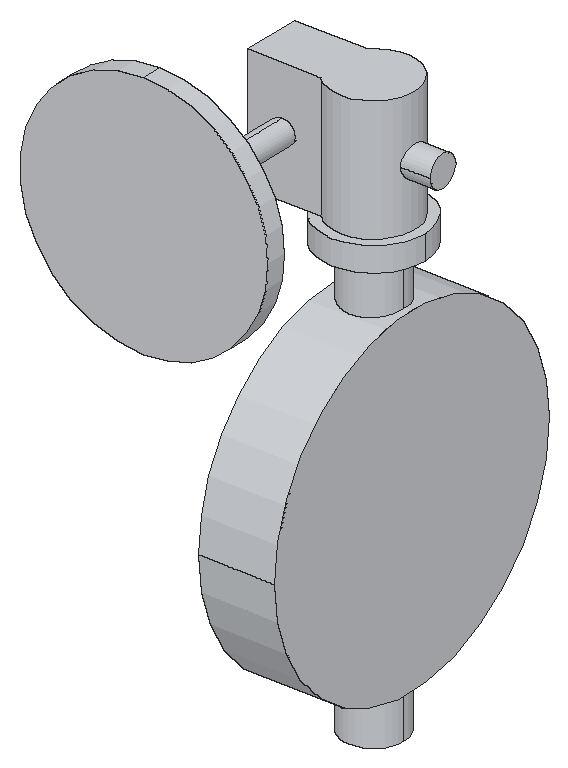
Revit family "HS497-67_disk-litina-převodové kolo DN600-RFA_2018", category Pipe Accessories, Revit 2018
Family settings
  Round Connector Dimension = Use Diameter
  Part Type = Valve - Breaks Into
  Work Plane-Based = No
  Always vertical = Yes
  Cut with Voids When Loaded = No
  Shared = No
Parameters (values of type "HS 497-67_DN600_PN10_převodové kolo")
  magiProductId = "b1e26faab48a4c499f6bb11e7e3002"
  magiProductFamilyId = "53cea81e6f374d17b8841d9c72ad77"
  magiPartTypeId = 305
  isMeasuringValve [instance] = no
  ang2D [instance] = 0.00°
  X11 = 143.397 mm
  X1 = 59.397 mm
  W2D = 1000 mm
  VersionID = "2.0/2017.9.26.1/ZETKAMA_497_001"
  Use Minimum Symbol Size [instance] = yes
  URL = "http://www.hydronic.cz"
  Type Comments = "mezipřírubová; litinový disk; PN10; -10~+110°C (krátkodobě +120°C)"
  SW30 = yes
  SW3 = yes
  SW21 = no
  SW20 = no
  SW2 = no
  SW1 = no
  R = 300 mm
  QmdConnectorList = "301;D;302;D"
  Productdata [instance] = ""
  NC = 140 mm
  Model = ""
  Manufacturer = "Hydronic Systems Prague s.r.o."
  MM20 = 59.397 mm
  MC Product Code = "125 600 (litinový disk, s převodovým kolem; DN600; PN10, kvs36778)"
  M41 = 206.25 mm
  M4 = 137.5 mm
  LHL = 220 mm
  LHH3 = 2.45 mm
  LHH1 = 46.55 mm
  LH1 = 73.333 mm
  L4R__ve = -L4R  # -40.8 mm
  L4R = 40.8 mm
  L42__ve = -L42  # -306 mm
  L42 = 306 mm
  L41__ve = -L41  # -61.2 mm
  L41 = 61.2 mm
  L2D_Min = 3048 mm
  L2D = 216 mm
  L2 = 77 mm
  L1 = 123.2 mm
  L = 154 mm
  H = 80 mm
  G22 = 11.25 mm
  G2 = 22.5 mm
  G1 = 90 mm
  G = 210 mm
  F = 60 mm
  E44 = 125 mm
  E42 = 250 mm
  E4 = 500 mm
  E23 = 4.9 mm
  E22 = 19.6 mm
  E21 = 9.8 mm
  Description = "Mezipřírubová uzavírací klapka s převodovým kolem; litinový disk, DN600; PN10; kvs36788"
  DR2 = 300 mm
  DR = 690 mm
  DD1 = 62.5 mm
  DD = 50 mm
  D = 600 mm
  CAT0 = yes
  B2__ve = -B2  # -140 mm
  B2 = 140 mm
  A2 = 49.4 mm
  A1 = 144.6 mm
Types (43, lengths in mm): name | magiProductId | X11 | X1 | Type Comments | SW30 | SW3 | SW20 | SW2 | SW1 | R | NC | MM20 | MC Product Code | M41 | M4 | LHL | LHH3 | LHH1 | LH1 | L4R__ve | L4R | L42__ve | L42 | L41__ve | L41 | L2 | L1 | L | H | G | F | E44 | E42 | E4 | E23 | E22 | E21 | Description | DR2 | DR | DD1 | DD | D | B2__ve | B2 | A2 | A1
  HS 497-67_DN100_PN16_volné vřeteno | "65d1b245f4f142c78569c0602d5754" | 61.456 | 25.456 | "mezipřírubová; litinový disk; PN16; -10~+110°C (krátkodobě +120°C)" | no | no | no | no | yes | 50 | 50 | 25.456 | "123 100 (litinový disk, s volným vřetenem; DN100; PN16, kvs512)" | 66 | 44 | 220 | 2.45 | 46.55 | 73.333 | -12.8 | 12.8 | -96 | 96 | -19.2 | 19.2 | 26 | 41.6 | 52 | 30 | 90 | 11 | 31.25 | 62.5 | 125 | 4.9 | 19.6 | 9.8 | "Mezipřírubová uzavírací klapka s volným vřetenem; litinový disk, DN100; PN16; kvs512" | 50 | 147 | 15.625 | 12.5 | 100 | -56 | 56 | 16.5 | 98.5
  HS 497-67_DN100_PN16_převodové kolo | "11e91b807e674d428c8e796fcdcfe2" | 61.456 | 25.456 | "mezipřírubová; litinový disk; PN16; -10~+110°C (krátkodobě +120°C)" | yes | yes | no | no | no | 50 | 50 | 25.456 | "125 100 (litinový disk, s převodovým kolem; DN100; PN16, kvs512)" | 65.25 | 43.5 | 220 | 2.45 | 46.55 | 73.333 | -12.8 | 12.8 | -96 | 96 | -19.2 | 19.2 | 26 | 41.6 | 52 | 30 | 90 | 11 | 31.25 | 62.5 | 125 | 4.9 | 19.6 | 9.8 | "Mezipřírubová uzavírací klapka s převodovým kolem; litinový disk, DN100; PN16; kvs512" | 50 | 147 | 15.625 | 12.5 | 100 | -56 | 56 | 16.5 | 98.5
  HS 497-67_DN100_PN16_s pákou | "28172f0b3f4b47b28323ac71cf8749" | 61.456 | 25.456 | "mezipřírubová; litinový disk; PN16; -10~+110°C (krátkodobě +120°C)" | no | no | yes | yes | no | 50 | 50 | 25.456 | "120 100 (litinový disk, s pákou; DN100; PN16, kvs512)" | 66 | 44 | 260 | 3 | 57 | 86.667 | -12.8 | 12.8 | -96 | 96 | -19.2 | 19.2 | 26 | 41.6 | 52 | 30 | 90 | 11 | 31.25 | 62.5 | 125 | 6 | 24 | 12 | "Mezipřírubová uzavírací klapka s pákou; litinový disk, DN100; PN16; kvs512" | 50 | 147 | 15.625 | 12.5 | 100 | -56 | 56 | 16.5 | 98.5
  HS 497-67_DN125_PN16_volné vřeteno | "0d813d910fc14f628bb3c2efbd185c" | 61.456 | 25.456 | "mezipřírubová; litinový disk; PN16; -10~+110°C (krátkodobě +120°C)" | no | no | no | no | yes | 62.5 | 50 | 25.456 | "123 125 (litinový disk, s volným vřetenem; DN125; PN16, kvs872)" | 66 | 44 | 220 | 2.45 | 46.55 | 73.333 | -12.8 | 12.8 | -96 | 96 | -19.2 | 19.2 | 28 | 44.8 | 56 | 33 | 90 | 14 | 31.25 | 62.5 | 125 | 4.9 | 19.6 | 9.8 | "Mezipřírubová uzavírací klapka s volným vřetenem; litinový disk, DN125; PN16; kvs872" | 62.5 | 180 | 15.625 | 12.5 | 125 | -64 | 64 | 18 | 99.5
  HS 497-67_DN125_PN16_převodové kolo | "c56b7c13f372467684996fb1e0e229" | 61.456 | 25.456 | "mezipřírubová; litinový disk; PN16; -10~+110°C (krátkodobě +120°C)" | yes | yes | no | no | no | 62.5 | 50 | 25.456 | "125 125 (litinový disk, s převodovým kolem; DN125; PN16, kvs872)" | 65.25 | 43.5 | 220 | 2.45 | 46.55 | 73.333 | -13.5 | 13.5 | -101.25 | 101.25 | -20.25 | 20.25 | 28 | 44.8 | 56 | 33 | 90 | 14 | 40 | 80 | 160 | 4.9 | 19.6 | 9.8 | "Mezipřírubová uzavírací klapka s převodovým kolem; litinový disk, DN125; PN16; kvs872" | 62.5 | 180 | 20 | 16 | 125 | -64 | 64 | 18 | 99.5
  HS 497-67_DN125_PN16_s pákou | "105993c79a91492399feef7931321a" | 61.456 | 25.456 | "mezipřírubová; litinový disk; PN16; -10~+110°C (krátkodobě +120°C)" | no | no | yes | yes | no | 62.5 | 50 | 25.456 | "120 125 (litinový disk, s pákou; DN125; PN16, kvs872)" | 66 | 44 | 315 | 3.75 | 71.25 | 105 | -12.8 | 12.8 | -96 | 96 | -19.2 | 19.2 | 28 | 44.8 | 56 | 33 | 90 | 14 | 31.25 | 62.5 | 125 | 7.5 | 30 | 15 | "Mezipřírubová uzavírací klapka s pákou; litinový disk, DN125; PN16; kvs872" | 62.5 | 180 | 15.625 | 12.5 | 125 | -64 | 64 | 18 | 99.5
  HS 497-67_DN150_PN16_volné vřeteno | "50c80cb8ab434f55ab7796e5ac1331" | 61.456 | 25.456 | "mezipřírubová; litinový disk; PN16; -10~+110°C (krátkodobě +120°C)" | no | no | no | no | yes | 75 | 50 | 25.456 | "123 150 (litinový disk, s volným vřetenem; DN150; PN16, kvs1347)" | 66 | 44 | 220 | 2.45 | 46.55 | 73.333 | -12.8 | 12.8 | -96 | 96 | -19.2 | 19.2 | 28 | 44.8 | 56 | 33 | 90 | 14 | 31.25 | 62.5 | 125 | 4.9 | 19.6 | 9.8 | "Mezipřírubová uzavírací klapka s volným vřetenem; litinový disk, DN150; PN16; kvs1347" | 75 | 206 | 15.625 | 12.5 | 150 | -58 | 58 | 19.3 | 98.7
  HS 497-67_DN150_PN16_převodové kolo | "d94a1a0cf83b476eb10011b327f709" | 61.456 | 25.456 | "mezipřírubová; litinový disk; PN16; -10~+110°C (krátkodobě +120°C)" | yes | yes | no | no | no | 75 | 50 | 25.456 | "125 150 (litinový disk, s převodovým kolem; DN150; PN16, kvs1347)" | 65.25 | 43.5 | 220 | 2.45 | 46.55 | 73.333 | -13.5 | 13.5 | -101.25 | 101.25 | -20.25 | 20.25 | 28 | 44.8 | 56 | 33 | 90 | 14 | 40 | 80 | 160 | 4.9 | 19.6 | 9.8 | "Mezipřírubová uzavírací klapka s převodovým kolem; litinový disk, DN150; PN16; kvs1347" | 75 | 206 | 20 | 16 | 150 | -58 | 58 | 19.3 | 98.7
  HS 497-67_DN150_PN16_s pákou | "4d2835523fe84828bc50ff0a5a0dfb" | 61.456 | 25.456 | "mezipřírubová; litinový disk; PN16; -10~+110°C (krátkodobě +120°C)" | no | no | yes | yes | no | 75 | 50 | 25.456 | "120 150 (litinový disk, s pákou; DN150; PN16, kvs1347)" | 66 | 44 | 315 | 3.75 | 71.25 | 105 | -12.8 | 12.8 | -96 | 96 | -19.2 | 19.2 | 28 | 44.8 | 56 | 33 | 90 | 14 | 31.25 | 62.5 | 125 | 7.5 | 30 | 15 | "Mezipřírubová uzavírací klapka s pákou; litinový disk, DN150; PN16; kvs1347" | 75 | 206 | 15.625 | 12.5 | 150 | -58 | 58 | 19.3 | 98.7
  HS 497-67_DN200_PN16_volné vřeteno | "5b29029eaeba47139ee1055a4b9201" | 61.456 | 25.456 | "mezipřírubová; litinový disk; PN16; -10~+110°C (krátkodobě +120°C)" | no | no | no | no | yes | 100 | 50 | 25.456 | "123 200 (litinový disk, s volným vřetenem; DN200; PN16, kvs2675)" | 66 | 44 | 220 | 2.45 | 46.55 | 73.333 | -12.8 | 12.8 | -96 | 96 | -19.2 | 19.2 | 30 | 48 | 60 | 33 | 90 | 17 | 31.25 | 62.5 | 125 | 4.9 | 19.6 | 9.8 | "Mezipřírubová uzavírací klapka s volným vřetenem; litinový disk, DN200; PN16; kvs2675" | 100 | 257 | 15.625 | 12.5 | 200 | -70 | 70 | 22.5 | 102.5
  HS 497-67_DN200_PN16_převodové kolo | "b2793cc1fcc44cf2a35062cd67c04f" | 61.456 | 25.456 | "mezipřírubová; litinový disk; PN16; -10~+110°C (krátkodobě +120°C)" | yes | yes | no | no | no | 100 | 57 | 25.456 | "125 200 (litinový disk, s převodovým kolem; DN200; PN16, kvs2675)" | 78.75 | 52.5 | 220 | 2.45 | 46.55 | 73.333 | -15.2 | 15.2 | -114 | 114 | -22.8 | 22.8 | 30 | 48 | 60 | 33 | 90 | 17 | 50 | 100 | 200 | 4.9 | 19.6 | 9.8 | "Mezipřírubová uzavírací klapka s převodovým kolem; litinový disk, DN200; PN16; kvs2675" | 100 | 257 | 25 | 20 | 200 | -70 | 70 | 22.5 | 102.5
  HS 497-67_DN200_PN16_s pákou | "f88d96c7af224537a51e72d7d8fffe" | 61.456 | 25.456 | "mezipřírubová; litinový disk; PN16; -10~+110°C (krátkodobě +120°C)" | no | no | yes | yes | no | 100 | 50 | 25.456 | "120 200 (litinový disk, s pákou; DN200; PN16, kvs2675)" | 66 | 44 | 315 | 3.75 | 71.25 | 105 | -12.8 | 12.8 | -96 | 96 | -19.2 | 19.2 | 30 | 48 | 60 | 33 | 90 | 17 | 31.25 | 62.5 | 125 | 7.5 | 30 | 15 | "Mezipřírubová uzavírací klapka s pákou; litinový disk, DN200; PN16; kvs2675" | 100 | 257 | 15.625 | 12.5 | 200 | -70 | 70 | 22.5 | 102.5
  HS 497-67_DN250_PN16_volné vřeteno | "b662e8305ca2402b9c510e66e6aa55" | 88.77 | 36.77 | "mezipřírubová; litinový disk; PN16; -10~+110°C (krátkodobě +120°C)" | no | no | no | no | yes | 125 | 50 | 36.77 | "123 250 (litinový disk, s volným vřetenem; DN250; PN16, kvs4555)" | 66 | 44 | 220 | 2.45 | 46.55 | 73.333 | -12.8 | 12.8 | -96 | 96 | -19.2 | 19.2 | 34 | 54.4 | 68 | 23 | 130 | 22 | 31.25 | 62.5 | 125 | 4.9 | 19.6 | 9.8 | "Mezipřírubová uzavírací klapka s volným vřetenem; litinový disk, DN250; PN16; kvs4555" | 125 | 324 | 15.625 | 12.5 | 250 | -85 | 85 | 28.25 | 129.25
  HS 497-67_DN250_PN16_převodové kolo | "5ee9016806664ddfaa2632711f295c" | 88.77 | 36.77 | "mezipřírubová; litinový disk; PN16; -10~+110°C (krátkodobě +120°C)" | yes | yes | no | no | no | 125 | 70 | 36.77 | "125 250 (litinový disk, s převodovým kolem; DN250; PN16, kvs4555)" | 91.5 | 61 | 220 | 2.45 | 46.55 | 73.333 | -22.2 | 22.2 | -166.5 | 166.5 | -33.3 | 33.3 | 34 | 54.4 | 68 | 23 | 130 | 22 | 62.5 | 125 | 250 | 4.9 | 19.6 | 9.8 | "Mezipřírubová uzavírací klapka s převodovým kolem; litinový disk, DN250; PN16; kvs4555" | 125 | 324 | 31.25 | 25 | 250 | -85 | 85 | 28.25 | 129.25
  HS 497-67_DN300_PN16_volné vřeteno | "e1886f51ff004380a649519258edf2" | 88.77 | 36.77 | "mezipřírubová; litinový disk; PN16; -10~+110°C (krátkodobě +120°C)" | no | no | no | no | yes | 150 | 50 | 36.77 | "123 300 (litinový disk, s volným vřetenem; DN300; PN16, kvs7037)" | 66 | 44 | 220 | 2.45 | 46.55 | 73.333 | -12.8 | 12.8 | -96 | 96 | -19.2 | 19.2 | 39 | 62.4 | 78 | 23 | 130 | 22 | 31.25 | 62.5 | 125 | 4.9 | 19.6 | 9.8 | "Mezipřírubová uzavírací klapka s volným vřetenem; litinový disk, DN300; PN16; kvs7037" | 150 | 376 | 15.625 | 12.5 | 300 | -90 | 90 | 30.8 | 127.2
  HS 497-67_DN300_PN16_převodové kolo | "6860f094f77d42088fbebc3c97f755" | 88.77 | 36.77 | "mezipřírubová; litinový disk; PN16; -10~+110°C (krátkodobě +120°C)" | yes | yes | no | no | no | 150 | 70 | 36.77 | "125 300 (litinový disk, s převodovým kolem; DN300; PN16, kvs7037)" | 91.5 | 61 | 220 | 2.45 | 46.55 | 73.333 | -22.2 | 22.2 | -166.5 | 166.5 | -33.3 | 33.3 | 39 | 62.4 | 78 | 23 | 130 | 22 | 62.5 | 125 | 250 | 4.9 | 19.6 | 9.8 | "Mezipřírubová uzavírací klapka s převodovým kolem; litinový disk, DN300; PN16; kvs7037" | 150 | 376 | 31.25 | 25 | 300 | -90 | 90 | 30.8 | 127.2
  HS 497-67_DN032_PN16_volné vřeteno | "8c5f65de52aa4067a77564107e31b2" | 61.456 | 25.456 | "mezipřírubová; litinový disk; PN16; -10~+110°C (krátkodobě +120°C)" | no | no | no | no | yes | 16 | 50 | 25.456 | "123 032 (litinový disk, s volným vřetenem; DN32; PN16, kvs78)" | 66 | 44 | 220 | 2.45 | 46.55 | 73.333 | -12.8 | 12.8 | -96 | 96 | -19.2 | 19.2 | 16.5 | 26.4 | 33 | 30 | 90 | 11 | 31.25 | 62.5 | 125 | 4.9 | 19.6 | 9.8 | "Mezipřírubová uzavírací klapka s volným vřetenem; litinový disk, DN32; PN16; kvs78" | 16 | 68 | 15.625 | 12.5 | 32 | -44.2 | 44.2 | 10.25 | 76.25
  HS 497-67_DN032_PN16_převodové kolo | "60aaeffa8b3a4e809ef000e4660060" | 61.456 | 25.456 | "mezipřírubová; litinový disk; PN16; -10~+110°C (krátkodobě +120°C)" | yes | yes | no | no | no | 16 | 50 | 25.456 | "125 032 (litinový disk, s převodovým kolem; DN32; PN16, kvs78)" | 65.25 | 43.5 | 220 | 2.45 | 46.55 | 73.333 | -12.8 | 12.8 | -96 | 96 | -19.2 | 19.2 | 16.5 | 26.4 | 33 | 30 | 90 | 11 | 31.25 | 62.5 | 125 | 4.9 | 19.6 | 9.8 | "Mezipřírubová uzavírací klapka s převodovým kolem; litinový disk, DN32; PN16; kvs78" | 16 | 68 | 15.625 | 12.5 | 32 | -44.2 | 44.2 | 10.25 | 76.25
  HS 497-67_DN032_PN16_s pákou | "9ad8088d610749a1b871aa2aad8007" | 61.456 | 25.456 | "mezipřírubová; litinový disk; PN16; -10~+110°C (krátkodobě +120°C)" | no | no | yes | yes | no | 16 | 50 | 25.456 | "120 032 (litinový disk, s pákou; DN32; PN16, kvs78)" | 66 | 44 | 220 | 2.45 | 46.55 | 73.333 | -12.8 | 12.8 | -96 | 96 | -19.2 | 19.2 | 16.5 | 26.4 | 33 | 30 | 90 | 11 | 31.25 | 62.5 | 125 | 4.9 | 19.6 | 9.8 | "Mezipřírubová uzavírací klapka s pákou; litinový disk, DN32; PN16; kvs78" | 16 | 68 | 15.625 | 12.5 | 32 | -44.2 | 44.2 | 10.25 | 76.25
  HS 497-67_DN350_PN10_volné vřeteno | "72a1e05f22944421b7e9596a877137" | 109.255 | 45.255 | "mezipřírubová; litinový disk; PN10; -10~+110°C (krátkodobě +120°C)" | no | no | no | no | yes | 175 | 50 | 45.255 | "123 350 (litinový disk, s volným vřetenem; DN350; PN10, kvs10165)" | 66 | 44 | 220 | 2.45 | 46.55 | 73.333 | -12.8 | 12.8 | -96 | 96 | -19.2 | 19.2 | 39 | 62.4 | 78 | 31 | 160 | 22 | 31.25 | 62.5 | 125 | 4.9 | 19.6 | 9.8 | "Mezipřírubová uzavírací klapka s volným vřetenem; litinový disk, DN350; PN10; kvs10165" | 175 | 430 | 15.625 | 12.5 | 350 | -88 | 88 | 33.85 | 129.65
  HS 497-67_DN350_PN10_převodové kolo | "a5a01426cb28494ba3afca92f1dace" | 109.255 | 45.255 | "mezipřírubová; litinový disk; PN10; -10~+110°C (krátkodobě +120°C)" | yes | yes | no | no | no | 175 | 70 | 45.255 | "125 350 (litinový disk, s převodovým kolem; DN350; PN10, kvs10165)" | 91.5 | 61 | 220 | 2.45 | 46.55 | 73.333 | -22.2 | 22.2 | -166.5 | 166.5 | -33.3 | 33.3 | 39 | 62.4 | 78 | 31 | 160 | 22 | 62.5 | 125 | 250 | 4.9 | 19.6 | 9.8 | "Mezipřírubová uzavírací klapka s převodovým kolem; litinový disk, DN350; PN10; kvs10165" | 175 | 430 | 31.25 | 25 | 350 | -88 | 88 | 33.85 | 129.65
  HS 497-67_DN400_PN10_volné vřeteno | "c70ebeb927c04ab99b176e257ad0a7" | 109.255 | 45.255 | "mezipřírubová; litinový disk; PN10; -10~+110°C (krátkodobě +120°C)" | no | no | no | no | yes | 200 | 50 | 45.255 | "123 400 (litinový disk, s volným vřetenem; DN400; PN10, kvs13799)" | 66 | 44 | 220 | 2.45 | 46.55 | 73.333 | -12.8 | 12.8 | -96 | 96 | -19.2 | 19.2 | 51 | 81.6 | 102 | 31 | 160 | 27 | 31.25 | 62.5 | 125 | 4.9 | 19.6 | 9.8 | "Mezipřírubová uzavírací klapka s volným vřetenem; litinový disk, DN400; PN10; kvs13799" | 200 | 485 | 15.625 | 12.5 | 400 | -108 | 108 | 38 | 142
  HS 497-67_DN400_PN10_převodové kolo | "cc64a4384dcb41b780d81810f4f293" | 109.255 | 45.255 | "mezipřírubová; litinový disk; PN10; -10~+110°C (krátkodobě +120°C)" | yes | yes | no | no | no | 200 | 72.5 | 45.255 | "125 400 (litinový disk, s převodovým kolem; DN400; PN10, kvs13799)" | 103.5 | 69 | 220 | 2.45 | 46.55 | 73.333 | -27.8 | 27.8 | -208.5 | 208.5 | -41.7 | 41.7 | 51 | 81.6 | 102 | 31 | 160 | 27 | 75 | 150 | 300 | 4.9 | 19.6 | 9.8 | "Mezipřírubová uzavírací klapka s převodovým kolem; litinový disk, DN400; PN10; kvs13799" | 200 | 485 | 37.5 | 30 | 400 | -108 | 108 | 38 | 142
  HS 497-67_DN040_PN16_volné vřeteno | "35f92312390745e88df5b5c325d9ee" | 61.456 | 25.456 | "mezipřírubová; litinový disk; PN16; -10~+110°C (krátkodobě +120°C)" | no | no | no | no | yes | 20 | 50 | 25.456 | "123 040 (litinový disk, s volným vřetenem; DN40; PN16, kvs78)" | 66 | 44 | 220 | 2.45 | 46.55 | 73.333 | -12.8 | 12.8 | -96 | 96 | -19.2 | 19.2 | 16.5 | 26.4 | 33 | 30 | 90 | 11 | 31.25 | 62.5 | 125 | 4.9 | 19.6 | 9.8 | "Mezipřírubová uzavírací klapka s volným vřetenem; litinový disk, DN40; PN16; kvs78" | 20 | 76 | 15.625 | 12.5 | 40 | -36 | 36 | 11 | 79
  HS 497-67_DN040_PN16_převodové kolo | "d88e968eae3445bc9b7b4e6ff35127" | 61.456 | 25.456 | "mezipřírubová; litinový disk; PN16; -10~+110°C (krátkodobě +120°C)" | yes | yes | no | no | no | 20 | 50 | 25.456 | "125 040 (litinový disk, s převodovým kolem; DN40; PN16, kvs78)" | 65.25 | 43.5 | 220 | 2.45 | 46.55 | 73.333 | -12.8 | 12.8 | -96 | 96 | -19.2 | 19.2 | 16.5 | 26.4 | 33 | 30 | 90 | 11 | 31.25 | 62.5 | 125 | 4.9 | 19.6 | 9.8 | "Mezipřírubová uzavírací klapka s převodovým kolem; litinový disk, DN40; PN16; kvs78" | 20 | 76 | 15.625 | 12.5 | 40 | -36 | 36 | 11 | 79
  HS 497-67_DN040_PN16_s pákou | "c1b522ca65b4407a98818f232eaacb" | 61.456 | 25.456 | "mezipřírubová; litinový disk; PN16; -10~+110°C (krátkodobě +120°C)" | no | no | yes | yes | no | 20 | 50 | 25.456 | "120 040 (litinový disk, s pákou; DN40; PN16, kvs78)" | 66 | 44 | 220 | 2.45 | 46.55 | 73.333 | -12.8 | 12.8 | -96 | 96 | -19.2 | 19.2 | 16.5 | 26.4 | 33 | 30 | 90 | 11 | 31.25 | 62.5 | 125 | 4.9 | 19.6 | 9.8 | "Mezipřírubová uzavírací klapka s pákou; litinový disk, DN40; PN16; kvs78" | 20 | 76 | 15.625 | 12.5 | 40 | -36 | 36 | 11 | 79
  HS 497-67_DN450_PN10_volné vřeteno | "a8358bc282f14872b3194e530e590a" | 129.74 | 53.74 | "mezipřírubová; litinový disk; PN10; -10~+110°C (krátkodobě +120°C)" | no | no | no | no | yes | 225 | 50 | 53.74 | "123 450 (litinový disk, s volným vřetenem; DN450; PN10, kvs18514)" | 66 | 44 | 220 | 2.45 | 46.55 | 73.333 | -12.8 | 12.8 | -96 | 96 | -19.2 | 19.2 | 57 | 91.2 | 114 | 38 | 190 | 36 | 31.25 | 62.5 | 125 | 4.9 | 19.6 | 9.8 | "Mezipřírubová uzavírací klapka s volným vřetenem; litinový disk, DN450; PN10; kvs18514" | 225 | 536 | 15.625 | 12.5 | 450 | -115 | 115 | 38.05 | 117.45
  HS 497-67_DN450_PN10_převodové kolo | "cdf2d80f54a9414f9cbe50647c0ebd" | 129.74 | 53.74 | "mezipřírubová; litinový disk; PN10; -10~+110°C (krátkodobě +120°C)" | yes | yes | no | no | no | 225 | 91.5 | 53.74 | "125 450 (litinový disk, s převodovým kolem; DN450; PN10, kvs18514)" | 144.75 | 96.5 | 220 | 2.45 | 46.55 | 73.333 | -32.1 | 32.1 | -240.75 | 240.75 | -48.15 | 48.15 | 57 | 91.2 | 114 | 38 | 190 | 36 | 100 | 200 | 400 | 4.9 | 19.6 | 9.8 | "Mezipřírubová uzavírací klapka s převodovým kolem; litinový disk, DN450; PN10; kvs18514" | 225 | 536 | 50 | 40 | 450 | -115 | 115 | 38.05 | 117.45
  HS 497-67_DN500_PN10_volné vřeteno | "8c396e27bb2743f98f3c762b6517cd" | 143.397 | 59.397 | "mezipřírubová; litinový disk; PN10; -10~+110°C (krátkodobě +120°C)" | no | no | no | no | yes | 250 | 50 | 59.397 | "123 500 (litinový disk, s volným vřetenem; DN500; PN10, kvs23805)" | 66 | 44 | 220 | 2.45 | 46.55 | 73.333 | -12.8 | 12.8 | -96 | 96 | -19.2 | 19.2 | 63.5 | 101.6 | 127 | 38 | 210 | 36 | 31.25 | 62.5 | 125 | 4.9 | 19.6 | 9.8 | "Mezipřírubová uzavírací klapka s volným vřetenem; litinový disk, DN500; PN10; kvs23805" | 250 | 593 | 15.625 | 12.5 | 500 | -130 | 130 | 43.25 | 139.25
  HS 497-67_DN500_PN10_převodové kolo | "7647804f32e94cef828a7034a91a46" | 143.397 | 59.397 | "mezipřírubová; litinový disk; PN10; -10~+110°C (krátkodobě +120°C)" | yes | yes | no | no | no | 250 | 91.5 | 59.397 | "125 500 (litinový disk, s převodovým kolem; DN500; PN10, kvs23805)" | 144.75 | 96.5 | 220 | 2.45 | 46.55 | 73.333 | -32.1 | 32.1 | -240.75 | 240.75 | -48.15 | 48.15 | 63.5 | 101.6 | 127 | 38 | 210 | 36 | 100 | 200 | 400 | 4.9 | 19.6 | 9.8 | "Mezipřírubová uzavírací klapka s převodovým kolem; litinový disk, DN500; PN10; kvs23805" | 250 | 593 | 50 | 40 | 500 | -130 | 130 | 43.25 | 139.25
  HS 497-67_DN050_volné vřeteno | "d71f296ecd6d4adf8f6e5d9853b4e0" | 61.456 | 25.456 | "mezipřírubová; litinový disk; PN16; -10~+110°C (krátkodobě +120°C)" | no | no | no | no | yes | 25 | 50 | 25.456 | "123 050 (litinový disk, s volným vřetenem; DN50; PN16, kvs98)" | 66 | 44 | 220 | 2.45 | 46.55 | 73.333 | -12.8 | 12.8 | -96 | 96 | -19.2 | 19.2 | 21.5 | 34.4 | 43 | 30 | 90 | 11 | 31.25 | 62.5 | 125 | 4.9 | 19.6 | 9.8 | "Mezipřírubová uzavírací klapka s volným vřetenem; litinový disk, DN50; PN16; kvs98" | 25 | 100 | 15.625 | 12.5 | 50 | -36.5 | 36.5 | 12 | 83
  HS 497-67_DN050_PN16_převodové kolo | "2fb080deeaed49c58418b94c1da5a4" | 61.456 | 25.456 | "mezipřírubová; litinový disk; PN16; -10~+110°C (krátkodobě +120°C)" | yes | yes | no | no | no | 25 | 50 | 25.456 | "125 050 (litinový disk, s převodovým kolem; DN50; PN16, kvs98)" | 65.25 | 43.5 | 220 | 2.45 | 46.55 | 73.333 | -12.8 | 12.8 | -96 | 96 | -19.2 | 19.2 | 21.5 | 34.4 | 43 | 30 | 90 | 11 | 31.25 | 62.5 | 125 | 4.9 | 19.6 | 9.8 | "Mezipřírubová uzavírací klapka s převodovým kolem; litinový disk, DN50; PN16; kvs98" | 25 | 100 | 15.625 | 12.5 | 50 | -36.5 | 36.5 | 12 | 83
  HS 497-67_DN050_PN16_s pákou | "dabc632061f94877a994b9b4e68112" | 61.456 | 25.456 | "mezipřírubová; litinový disk; PN16; -10~+110°C (krátkodobě +120°C)" | no | no | yes | yes | no | 25 | 50 | 25.456 | "120 050 (litinový disk, s pákou; DN50; PN16, kvs98)" | 66 | 44 | 220 | 2.45 | 46.55 | 73.333 | -12.8 | 12.8 | -96 | 96 | -19.2 | 19.2 | 21.5 | 34.4 | 43 | 30 | 90 | 11 | 31.25 | 62.5 | 125 | 4.9 | 19.6 | 9.8 | "Mezipřírubová uzavírací klapka s pákou; litinový disk, DN50; PN16; kvs98" | 25 | 100 | 15.625 | 12.5 | 50 | -36.5 | 36.5 | 12 | 83
  HS 497-67_DN600_PN10_volné vřeteno | "99d5892c14664fce81a7c5903f7711" | 143.397 | 59.397 | "mezipřírubová; litinový disk; PN10; -10~+110°C (krátkodobě +120°C)" | no | no | no | no | yes | 300 | 50 | 59.397 | "123 600 (litinový disk, s volným vřetenem; DN600; PN10, kvs36778)" | 66 | 44 | 220 | 2.45 | 46.55 | 73.333 | -12.8 | 12.8 | -96 | 96 | -19.2 | 19.2 | 77 | 123.2 | 154 | 80 | 210 | 60 | 31.25 | 62.5 | 125 | 4.9 | 19.6 | 9.8 | "Mezipřírubová uzavírací klapka s volným vřetenem; litinový disk, DN600; PN10; kvs36788" | 300 | 690 | 15.625 | 12.5 | 600 | -140 | 140 | 49.4 | 144.6
  HS 497-67_DN600_PN10_převodové kolo | "b1e26faab48a4c499f6bb11e7e3002" | 143.397 | 59.397 | "mezipřírubová; litinový disk; PN10; -10~+110°C (krátkodobě +120°C)" | yes | yes | no | no | no | 300 | 140 | 59.397 | "125 600 (litinový disk, s převodovým kolem; DN600; PN10, kvs36778)" | 206.25 | 137.5 | 220 | 2.45 | 46.55 | 73.333 | -40.8 | 40.8 | -306 | 306 | -61.2 | 61.2 | 77 | 123.2 | 154 | 80 | 210 | 60 | 125 | 250 | 500 | 4.9 | 19.6 | 9.8 | "Mezipřírubová uzavírací klapka s převodovým kolem; litinový disk, DN600; PN10; kvs36788" | 300 | 690 | 62.5 | 50 | 600 | -140 | 140 | 49.4 | 144.6
  HS 497-67_DN065_PN16_volné vřeteno | "5e5e208646e34ec29f889baab5d08e" | 61.456 | 25.456 | "mezipřírubová; litinový disk; PN16; -10~+110°C (krátkodobě +120°C)" | no | no | no | no | yes | 32.5 | 50 | 25.456 | "123 065 (litinový disk, s volným vřetenem; DN65; PN16, kvs167)" | 66 | 44 | 220 | 2.45 | 46.55 | 73.333 | -12.8 | 12.8 | -96 | 96 | -19.2 | 19.2 | 23 | 36.8 | 46 | 30 | 90 | 11 | 31.25 | 62.5 | 125 | 4.9 | 19.6 | 9.8 | "Mezipřírubová uzavírací klapka s volným vřetenem; litinový disk, DN65; PN16; kv167" | 32.5 | 108 | 15.625 | 12.5 | 65 | -36.5 | 36.5 | 13.5 | 89
  HS 497-67_DN065_PN16_převodové kolo | "654d74c8d15540b0bfe523d988ccb3" | 61.456 | 25.456 | "mezipřírubová; litinový disk; PN16; -10~+110°C (krátkodobě +120°C)" | yes | yes | no | no | no | 32.5 | 50 | 25.456 | "125 065 (litinový disk, s převodovým kolem; DN65; PN16, kvs167)" | 65.25 | 43.5 | 220 | 2.45 | 46.55 | 73.333 | -12.8 | 12.8 | -96 | 96 | -19.2 | 19.2 | 23 | 36.8 | 46 | 30 | 90 | 11 | 31.25 | 62.5 | 125 | 4.9 | 19.6 | 9.8 | "Mezipřírubová uzavírací klapka s převodovým kolem; litinový disk, DN65; PN16; kvs167" | 32.5 | 108 | 15.625 | 12.5 | 65 | -36.5 | 36.5 | 13.5 | 89
  HS 497-67_DN065_PN16_s pákou | "ebeb4b59db0641caaf6d6635ab37b9" | 61.456 | 25.456 | "mezipřírubová; litinový disk; PN16; -10~+110°C (krátkodobě +120°C)" | no | no | yes | yes | no | 32.5 | 50 | 25.456 | "120 065 (litinový disk, s pákou; DN65; PN16, kvs167)" | 66 | 44 | 220 | 2.45 | 46.55 | 73.333 | -12.8 | 12.8 | -96 | 96 | -19.2 | 19.2 | 23 | 36.8 | 46 | 30 | 90 | 11 | 31.25 | 62.5 | 125 | 4.9 | 19.6 | 9.8 | "Mezipřírubová uzavírací klapka s pákou; litinový disk, DN65; PN16; kvs167" | 32.5 | 108 | 15.625 | 12.5 | 65 | -36.5 | 36.5 | 13.5 | 89
  HS 497-67_DN080_PN16_volné vřeteno | "9e85c75c18654e1185a9c48ed6b00e" | 61.456 | 25.456 | "mezipřírubová; litinový disk; PN16; -10~+110°C (krátkodobě +120°C)" | no | no | no | no | yes | 40 | 50 | 25.456 | "123 080 (litinový disk, s volným vřetenem; DN80; PN16, kvs258)" | 66 | 44 | 220 | 2.45 | 46.55 | 73.333 | -12.8 | 12.8 | -96 | 96 | -19.2 | 19.2 | 23 | 36.8 | 46 | 30 | 90 | 11 | 31.25 | 62.5 | 125 | 4.9 | 19.6 | 9.8 | "Mezipřírubová uzavírací klapka s volným vřetenem; litinový disk, DN80; PN16; kvs258" | 40 | 124 | 15.625 | 12.5 | 80 | -54 | 54 | 14.1 | 86.9
  HS 497-67_DN080_PN16_převodové kolo | "5b3c8238c3d041e68c75b199e7ea46" | 61.456 | 25.456 | "mezipřírubová; litinový disk; PN16; -10~+110°C (krátkodobě +120°C)" | yes | yes | no | no | no | 40 | 50 | 25.456 | "125 080 (litinový disk, s převodovým kolem; DN80; PN16, kvs258)" | 65.25 | 43.5 | 220 | 2.45 | 46.55 | 73.333 | -12.8 | 12.8 | -96 | 96 | -19.2 | 19.2 | 23 | 36.8 | 46 | 30 | 90 | 11 | 31.25 | 62.5 | 125 | 4.9 | 19.6 | 9.8 | "Mezipřírubová uzavírací klapka s převodovým kolem; litinový disk, DN80; PN16; kvs258" | 40 | 124 | 15.625 | 12.5 | 80 | -54 | 54 | 14.1 | 86.9
  HS 497-67_DN080_PN16_s pákou | "e414795fab0f4eccb99bc3572c5477" | 61.456 | 25.456 | "mezipřírubová; litinový disk; PN16; -10~+110°C (krátkodobě +120°C)" | no | no | yes | yes | no | 40 | 50 | 25.456 | "120 080 (litinový disk, s pákou; DN80; PN16, kvs258)" | 66 | 44 | 260 | 3 | 57 | 86.667 | -12.8 | 12.8 | -96 | 96 | -19.2 | 19.2 | 23 | 36.8 | 46 | 30 | 90 | 11 | 31.25 | 62.5 | 125 | 6 | 24 | 12 | "Mezipřírubová uzavírací klapka s pákou; litinový disk, DN80; PN16; kvs258" | 40 | 124 | 15.625 | 12.5 | 80 | -54 | 54 | 14.1 | 86.9
  HS 497-67_DN250_PN16_s pákou | "" | 88.77 | 36.77 | "mezipřírubová; litinový disk; PN16; -10~+110°C (krátkodobě +120°C)" | no | no | yes | yes | no | 125 | 70 | 36.77 | "120 250 (litinový disk, s pákou; DN250; PN16, kvs4555)" | 91.5 | 61 | 220 | 2.45 | 46.55 | 73.333 | -22.2 | 22.2 | -166.5 | 166.5 | -33.3 | 33.3 | 34 | 54.4 | 68 | 23 | 130 | 22 | 62.5 | 125 | 250 | 4.9 | 19.6 | 9.8 | "Mezipřírubová uzavírací klapka s pákou; litinový disk, DN250; PN16; kvs4555" | 125 | 324 | 31.25 | 25 | 250 | -85 | 85 | 28.25 | 129.25
  HS 497-67_DN300_PN16_s pákou | "" | 88.77 | 36.77 | "mezipřírubová; litinový disk; PN16; -10~+110°C (krátkodobě +120°C)" | no | no | yes | yes | no | 150 | 70 | 36.77 | "120 300 (litinový disk, s pákou; DN300; PN16, kvs7037)" | 91.5 | 61 | 220 | 2.45 | 46.55 | 73.333 | -22.2 | 22.2 | -166.5 | 166.5 | -33.3 | 33.3 | 39 | 62.4 | 78 | 23 | 130 | 22 | 62.5 | 125 | 250 | 4.9 | 19.6 | 9.8 | "Mezipřírubová uzavírací klapka s pákou; litinový disk, DN300; PN16; kvs7037" | 150 | 376 | 31.25 | 25 | 300 | -90 | 90 | 30.8 | 127.2
Reference planes
  plane 1 "Center (Front/Back)": y = 0
  plane 2 "XYPLANE": z = 0
  plane 3 "Center (Left/Right)": x = 0
  plane 4 "473": x = -59.397
  plane 5 "472": x = -206.25
  plane 6 "471": y = -59.397
  plane 7 "470": y = 59.397
  plane 8 "469": x = -137.5
  plane 9 "468": y = -367.2
  plane 10 "467": y = -306
  plane 11 "466": z = 619
  plane 12 "465": z = 540.55
  plane 13 "464": y = 145.417
  plane 14 "463": z = 530.75
  plane 15 "462": z = 513.6
  plane 16 "461": z = 523.4
  plane 17 "460": y = 72.083
  plane 18 "459": x = -11.25
  plane 19 "458": x = 11.25
  plane 20 "457": y = -6.25
  plane 21 "456": x = -17.5
  plane 22 "455": x = 17.5
  plane 23 "454": z = 528.3
  plane 24 "453": y = 62.083
  plane 25 "452": y = -11.25
  plane 26 "451": x = -22.5
  plane 27 "450": x = 22.5
  plane 28 "449": z = 508.7
  plane 29 "448": z = 503.8
  plane 30 "447": z = -300
  plane 31 "446": z = 494
  plane 32 "445": z = 444.6
  plane 33 "444": z = 300
  plane 34 "443": x = 77
  plane 35 "442": x = -77
  plane 36 "441": z = 0
  plane 37 "440": y = 0
  plane 38 "439": x = 0
  plane 39 "438": z = 543
  plane 40 "437": z = 528.3
  plane 41 "436": x = 13.7
  plane 42 "435": x = -13.7
  plane 43 "434": y = 220
Forms (mm)
  Extrusion 1, solid, visible <- "SW3"
    sketch origin (-750, 0, 494) x (1, 0, 0) y (0, 1, 0)
      loop
        line (543.75, 59.397) -> (543.75, -59.397) -> (690.603, -59.397)
        arc (690.603, -59.397) -> (834, 0) -> (690.603, 59.397) r 84
        line (690.603, 59.397) -> (543.75, 59.397)
    from 0 to 250 <- "E42"
  Extrusion 2, solid, visible <- "SW30"
    sketch origin (0, -750, 0) x (0, 1, 0) y (0, 0, 1)
      loop
        circle (750, 619) r 31.25
    from 0 to 140 <- "NC"
  Extrusion 3, solid, visible <- "SW30"
    sketch origin (750, -367.2, 0) x (-1, 0, 0) y (0, 0, 1)
      loop
        circle (887.5, 619) r 250
    from 0 to -40.8 <- "L4R__ve"
  Extrusion 4, solid, visible <- "SW3"
    sketch origin (750, -306, 0) x (-1, 0, 0) y (0, 0, 1)
      loop
        circle (887.5, 619) r 31.25
    from 0 to -61.2 <- "L41__ve"
  Extrusion 5, solid, visible <- "SW30"
    sketch origin (750, 0, 0) x (-1, 0, 0) y (0, 0, 1)
      loop
        circle (887.5, 619) r 25
    from 0 to -306 <- "L42__ve"
  Blend 6, solid, visible <- "SW21"
    base sketch origin (750, 72.083, 0) x (-1, 0, 0) y (0, 0, 1)
      loop
        line (761.25, 523.4) -> (738.75, 523.4) -> (738.75, 513.6) -> (761.25, 513.6) -> (761.25, 523.4)
    top sketch origin (750, 72.083, 0) x (-1, 0, 0) y (0, 0, 1)
      loop
        line (761.25, 540.55) -> (738.75, 540.55) -> (738.75, 530.75) -> (761.25, 530.75) -> (761.25, 540.55)
    from 0 to 73.333
  Blend 7, solid, visible <- "SW21"
    base sketch origin (750, 62.083, 0) x (-1, 0, 0) y (0, 0, 1)
      loop
        line (761.25, 528.3) -> (738.75, 528.3) -> (738.75, 508.7) -> (761.25, 508.7) -> (761.25, 528.3)
    top sketch origin (750, 62.083, 0) x (-1, 0, 0) y (0, 0, 1)
      loop
        line (761.25, 523.4) -> (738.75, 523.4) -> (738.75, 513.6) -> (761.25, 513.6) -> (761.25, 523.4)
    from 0 to 10
  Blend 8, solid, visible <- "SW21"
    base sketch origin (-750, 0, 508.7) x (1, 0, 0) y (0, 1, 0)
      loop
        line (772.5, 62.083) -> (727.5, 62.083) -> (727.5, -11.25)
        arc (727.5, -11.25) -> (750, -31.25) -> (772.5, -11.25) r 22.656
        line (772.5, -11.25) -> (772.5, 62.083)
    top sketch origin (-750, 0, 508.7) x (1, 0, 0) y (0, 1, 0)
      loop
        line (767.5, 62.083) -> (732.5, 62.083) -> (732.5, -6.25)
        arc (732.5, -6.25) -> (750, -26.25) -> (767.5, -6.25) r 17.656
        line (767.5, -6.25) -> (767.5, 62.083)
    from 0 to 19.6
  Extrusion 9, solid, visible <- "SW2"
    sketch origin (-750, 0, 503.8) x (1, 0, 0) y (0, 1, 0)
      loop
        circle (750, 0) r 11.25
    from 0 to 4.9 <- "E23"
  Extrusion 10, solid, visible <- "SW2"
    sketch origin (-750, 0, 494) x (1, 0, 0) y (0, 1, 0)
      loop
        circle (750, 0) r 45
    from 0 to 9.8 <- "E21"
  Extrusion 11, solid, visible <- "CAT0"
    sketch origin (-750, 0, -300) x (1, 0, 0) y (0, 1, 0)
      loop
        circle (750, 0) r 61.6
    from 0 to -140 <- "B2__ve"
  Extrusion 12, solid, visible <- "CAT0"
    sketch origin (-750, 0, 444.6) x (1, 0, 0) y (0, 1, 0)
      loop
        circle (750, 0) r 105
    from 0 to 49.4 <- "A2"
  Extrusion 13, solid, visible <- "CAT0"
    sketch origin (-750, 0, 300) x (1, 0, 0) y (0, 1, 0)
      loop
        circle (750, 0) r 61.6
    from 0 to 144.6 <- "A1"
  Extrusion 14, solid, visible <- "CAT0"
    sketch origin (-77, -750, 0) x (0, 1, 0) y (0, 0, 1)
      loop
        circle (750, 0) r 345
    from 0 to 154 <- "L"
  Extrusion 15, solid, visible <- "SW1"
    sketch origin (-750, 0, 494) x (1, 0, 0) y (0, 1, 0)
      loop
        line (780, 30) -> (720, 30) -> (720, -30) -> (780, -30) -> (780, 30)
    from 0 to 80 <- "H"
  Blend 16, solid, visible <- "SW2"
    base sketch origin (750, 145.417, 0) x (-1, 0, 0) y (0, 0, 1)
      loop
        arc (763.7, 538) -> (762.236, 541.536) -> (758.7, 543) r 5
        line (758.7, 543) -> (741.3, 543)
        arc (741.3, 543) -> (737.764, 541.536) -> (736.3, 538) r 5
        line (736.3, 538) -> (736.3, 533.3)
        arc (736.3, 533.3) -> (737.764, 529.764) -> (741.3, 528.3) r 5
        line (741.3, 528.3) -> (758.7, 528.3)
        arc (758.7, 528.3) -> (762.236, 529.764) -> (763.7, 533.3) r 5
        line (763.7, 533.3) -> (763.7, 538)
    top sketch origin (750, 145.417, 0) x (-1, 0, 0) y (0, 0, 1)
      loop
        arc (763.7, 538) -> (762.236, 541.536) -> (758.7, 543) r 5
        line (758.7, 543) -> (741.3, 543)
        arc (741.3, 543) -> (737.764, 541.536) -> (736.3, 538) r 5
        line (736.3, 538) -> (736.3, 533.3)
        arc (736.3, 533.3) -> (737.764, 529.764) -> (741.3, 528.3) r 5
        line (741.3, 528.3) -> (758.7, 528.3)
        arc (758.7, 528.3) -> (762.236, 529.764) -> (763.7, 533.3) r 5
        line (763.7, 533.3) -> (763.7, 538)
    from 0 to 74.583
  Blend 17, solid, visible <- "SW20"
    base sketch origin (750, 145.417, 0) x (-1, 0, 0) y (0, 0, 1)
      loop
        line (763.7, 543) -> (736.3, 543) -> (736.3, 528.3) -> (763.7, 528.3) -> (763.7, 543)
    top sketch origin (750, 145.417, 0) x (-1, 0, 0) y (0, 0, 1)
      loop
        line (761.25, 528.3) -> (738.75, 528.3) -> (738.75, 508.7) -> (761.25, 508.7) -> (761.25, 528.3)
    from 0 to -83.333
  Extrusion 18, solid, visible <- "SW20"
    sketch origin (-750, 0, 508.7) x (1, 0, 0) y (0, 1, 0)
      loop
        line (772.5, 62.083) -> (727.5, 62.083) -> (727.5, -11.25)
        arc (727.5, -11.25) -> (750, -31.25) -> (772.5, -11.25) r 22.656
        line (772.5, -11.25) -> (772.5, 62.083)
    from 0 to 19.6 <- "E22"
  Extrusion 19, solid, not visible
    sketch origin (-77, -750, 0) x (0, 1, 0) y (0, 0, 1)
      loop
        circle (750, 0) r 10
    from 0 to 10
  Extrusion 20, solid, not visible
    sketch origin (77, -750, 0) x (0, 1, 0) y (0, 0, 1)
      loop
        circle (750, 0) r 10
    from 0 to -10
Lines and regions (mm)
  reference lines, not visible
    curve 1: circle (2, 2, 0) r 1 normal (0, 0, 1)
  reference lines
    curve 2: line (-59.397, -59.397, 494) -> (-59.397, 59.397, 494)
    curve 3: line (-17.5, -6.25, 508.7) -> (17.5, -6.25, 508.7)
    curve 4: line (-22.5, -11.25, 508.7) -> (22.5, -11.25, 508.7)
    curve 5: circle (0, 0, 494) r 1 normal (0, 0, 1)
    curve 6: line (-22.5, -11.25, 508.7) -> (22.5, -11.25, 508.7)
Dimensions and locks
  plane 1 "Center (Front/Back)" to curve 1 = 2 mm
  "X1": plane 3 "Center (Left/Right)" to plane 4 "473"
  "M41": plane 3 "Center (Left/Right)" to plane 5 "472"
  "MM20": plane 1 "Center (Front/Back)" to plane 6 "471"
  "MM20": plane 1 "Center (Front/Back)" to plane 7 "470"
  "M4": plane 3 "Center (Left/Right)" to plane 8 "469"
  "L41": plane 10 "467" to plane 9 "468"
  "L42": plane 1 "Center (Front/Back)" to plane 10 "467"
  "E44": plane 31 "446" to plane 11 "466"
  "LHH1": plane 31 "446" to plane 12 "465"
  "LH1": plane 17 "460" to plane 13 "464"
  "E21": plane 12 "465" to plane 14 "463"
  "E21": plane 16 "461" to plane 15 "462"
  "E23": plane 23 "454" to plane 16 "461"
  locked: plane 24 "453" to plane 17 "460" at 10
  "G22": plane 3 "Center (Left/Right)" to plane 18 "459"
  "G22": plane 3 "Center (Left/Right)" to plane 19 "458"
  locked: plane 25 "452" to plane 20 "457" at 5
  locked: plane 26 "451" to plane 21 "456" at 5
  locked: plane 27 "450" to plane 22 "455" at 5
  "E22": plane 28 "449" to plane 23 "454"
  "LH1": plane 25 "452" to plane 24 "453"
  "G22": plane 1 "Center (Front/Back)" to plane 25 "452"
  "G2": plane 3 "Center (Left/Right)" to plane 26 "451"
  "G2": plane 3 "Center (Left/Right)" to plane 27 "450"
  "E23": plane 29 "448" to plane 28 "449"
  "E21": plane 31 "446" to plane 29 "448"
  "R": plane 2 "XYPLANE" to plane 30 "447"
  "A2": plane 32 "445" to plane 31 "446"
  "A1": plane 33 "444" to plane 32 "445"
  "DR2": plane 2 "XYPLANE" to plane 33 "444"
  "L2": plane 3 "Center (Left/Right)" to plane 34 "443"
  "L2": plane 3 "Center (Left/Right)" to plane 35 "442"
  locked: plane 2 "XYPLANE" to plane 36 "441"
  locked: plane 1 "Center (Front/Back)" to plane 37 "440"
  locked: plane 3 "Center (Left/Right)" to plane 38 "439"
  "LHH3": plane 12 "465" to plane 39 "438"
  "LHH3": plane 14 "463" to plane 40 "437"
  "LHH3": plane 19 "458" to plane 41 "436"
  "LHH3": plane 18 "459" to plane 42 "435"
  "LHL": plane 1 "Center (Front/Back)" to plane 43 "434"
  "X11": curve 2 to Extrusion 1 sketch curve
  Extrusion 1 sketch curve to Extrusion 1 sketch curve = 0 mm  (x8)
  Blend 6 sketch curve to Blend 6 sketch curve = 0 mm  (x16)
  Blend 7 sketch curve to Blend 7 sketch curve = 0 mm  (x16)
  Blend 8 sketch curve to Blend 8 sketch curve = 0 mm  (x16)
  equal spacing: Extrusion 15 sketch curve, curve 5, Extrusion 15 sketch curve  (x2)
  "F": Extrusion 15 sketch curve to Extrusion 15 sketch curve  (x2)
  Blend 16 sketch curve to Blend 16 sketch curve = 0 mm  (x32)
  Blend 17 sketch curve to Blend 17 sketch curve = 0 mm  (x16)
  Extrusion 18 sketch curve to Extrusion 18 sketch curve = 0 mm  (x8)
  "DD1": diameter of Extrusion 2 sketch curve
  "E4": diameter of Extrusion 3 sketch curve
  "DD1": diameter of Extrusion 4 sketch curve
  "DD": diameter of Extrusion 5 sketch curve
  "G2": diameter of Extrusion 9 sketch curve
  "G1": diameter of Extrusion 10 sketch curve
  "L1": diameter of Extrusion 11 sketch curve
  "G": diameter of Extrusion 12 sketch curve
  "L1": diameter of Extrusion 13 sketch curve
  "DR": diameter of Extrusion 14 sketch curve
  radius of Blend 16 sketch curve = 5 mm  (x8)
  aligned and locked: level to plane 2 "XYPLANE"
  aligned and locked: Extrusion 1 sketch curve to plane 5 "472"
  aligned and locked: plane 7 "470" to Extrusion 1 sketch curve
  aligned and locked: plane 6 "471" to Extrusion 1 sketch curve
  aligned and locked: plane 5 "472" to Extrusion 1 sketch curve
  aligned and locked: plane 4 "473" to Extrusion 1 sketch curve  (x2)
  aligned and locked: plane 4 "473" to curve 2
  aligned and locked: plane 6 "471" to curve 2
  aligned and locked: plane 7 "470" to curve 2
  aligned and locked: Extrusion 1 sketch curve to plane 7 "470"
  aligned and locked: plane 11 "466" to Extrusion 2 sketch curve
  aligned and locked: plane 37 "440" to Extrusion 2 sketch curve
  aligned and locked: plane 8 "469" to Extrusion 3 sketch curve
  aligned and locked: plane 11 "466" to Extrusion 3 sketch curve
  aligned and locked: plane 8 "469" to Extrusion 4 sketch curve
  aligned and locked: plane 11 "466" to Extrusion 4 sketch curve
  aligned and locked: plane 8 "469" to Extrusion 5 sketch curve
  aligned and locked: plane 11 "466" to Extrusion 5 sketch curve
  aligned and locked: plane 12 "465" to Blend 6 sketch curve  (x2)
  aligned and locked: plane 18 "459" to Blend 6 sketch curve  (x4)
  aligned and locked: plane 19 "458" to Blend 6 sketch curve  (x4)
  aligned and locked: plane 14 "463" to Blend 6 sketch curve  (x2)
  aligned and locked: plane 16 "461" to Blend 6 sketch curve  (x2)
  aligned and locked: plane 15 "462" to Blend 6 sketch curve  (x2)
  aligned and locked: plane 13 "464" to Blend 6
  aligned and locked: plane 16 "461" to Blend 7 sketch curve  (x2)
  aligned and locked: plane 18 "459" to Blend 7 sketch curve  (x4)
  aligned and locked: plane 19 "458" to Blend 7 sketch curve  (x4)
  aligned and locked: plane 15 "462" to Blend 7 sketch curve  (x2)
  aligned and locked: plane 23 "454" to Blend 7 sketch curve  (x2)
  aligned and locked: plane 28 "449" to Blend 7 sketch curve  (x2)
  aligned and locked: plane 17 "460" to Blend 7
  aligned and locked: plane 24 "453" to Blend 8 sketch curve  (x4)
  aligned and locked: plane 22 "455" to Blend 8 sketch curve  (x2)
  aligned and locked: plane 21 "456" to Blend 8 sketch curve
  aligned and locked: plane 20 "457" to Blend 8 sketch curve  (x2)
  aligned and locked: curve 3 to plane 20 "457"
  aligned and locked: plane 21 "456" to curve 3
  aligned and locked: plane 22 "455" to curve 3
  aligned and locked: plane 27 "450" to Blend 8 sketch curve  (x2)
  aligned and locked: plane 26 "451" to Blend 8 sketch curve
  aligned and locked: plane 25 "452" to Blend 8 sketch curve  (x2)
  aligned and locked: curve 4 to plane 25 "452"
  aligned and locked: plane 26 "451" to curve 4
  aligned and locked: plane 27 "450" to curve 4
  aligned and locked: plane 23 "454" to Blend 8
  aligned and locked: plane 37 "440" to Extrusion 9 sketch curve
  aligned and locked: plane 38 "439" to Extrusion 9 sketch curve
  aligned and locked: plane 37 "440" to Extrusion 10 sketch curve
  aligned and locked: plane 38 "439" to Extrusion 10 sketch curve
  aligned and locked: plane 37 "440" to Extrusion 11 sketch curve
  aligned and locked: plane 38 "439" to Extrusion 11 sketch curve
  aligned and locked: plane 37 "440" to Extrusion 12 sketch curve
  aligned and locked: plane 38 "439" to Extrusion 12 sketch curve
  aligned and locked: plane 37 "440" to Extrusion 13 sketch curve
  aligned and locked: plane 38 "439" to Extrusion 13 sketch curve
  aligned and locked: plane 36 "441" to Extrusion 14 sketch curve
  aligned and locked: Extrusion 14 sketch curve to plane 37 "440"
  aligned and locked: plane 37 "440" to curve 5
  aligned and locked: plane 38 "439" to curve 5
  aligned and locked: plane 39 "438" to Blend 16 sketch curve  (x2)
  aligned and locked: plane 41 "436" to Blend 16 sketch curve  (x2)
  aligned and locked: Blend 16 sketch curve to plane 40 "437"  (x2)
  aligned and locked: Blend 16 sketch curve to plane 42 "435"  (x2)
  aligned and locked: plane 43 "434" to Blend 16
  aligned and locked: plane 23 "454" to Blend 17 sketch curve  (x2)
  aligned and locked: plane 18 "459" to Blend 17 sketch curve  (x2)
  aligned and locked: plane 19 "458" to Blend 17 sketch curve  (x2)
  aligned and locked: plane 28 "449" to Blend 17 sketch curve  (x2)
  aligned and locked: plane 39 "438" to Blend 17 sketch curve  (x2)
  aligned and locked: plane 42 "435" to Blend 17 sketch curve  (x2)
  aligned and locked: plane 41 "436" to Blend 17 sketch curve  (x2)
  aligned and locked: plane 40 "437" to Blend 17 sketch curve  (x2)
  aligned and locked: Blend 17 to plane 24 "453"
  aligned and locked: plane 24 "453" to Extrusion 18 sketch curve  (x2)
  aligned and locked: plane 27 "450" to Extrusion 18 sketch curve  (x2)
  aligned and locked: plane 26 "451" to Extrusion 18 sketch curve
  aligned and locked: plane 25 "452" to Extrusion 18 sketch curve  (x2)
  aligned and locked: curve 6 to plane 25 "452"
  aligned and locked: plane 26 "451" to curve 6
  aligned and locked: plane 27 "450" to curve 6
  aligned and locked: plane 36 "441" to Extrusion 19 sketch curve
  aligned and locked: Extrusion 19 sketch curve to plane 37 "440"
  aligned and locked: plane 36 "441" to Extrusion 20 sketch curve
  aligned and locked: Extrusion 20 sketch curve to plane 37 "440"
Automatic sketch dimensions
  Blend 8 sketch curve to plane 20 "457" = 2.344 mm  (x2)
  Extrusion 18 sketch curve to plane 20 "457" = 2.344 mm
  plane 25 "452" to Extrusion 19 sketch curve = 1.25 mm
  plane 25 "452" to Extrusion 20 sketch curve = 1.25 mm
  plane 3 "Center (Left/Right)" to curve 1 = 2 mm
  Extrusion 15 sketch curve to plane 3 "Center (Left/Right)" = 30 mm
  Extrusion 15 sketch curve to plane 20 "457" = 23.75 mm
  radius of curve 5 = 1 mm
  radius of curve 1 = 1 mm
Connectors
  piping at (-77, 0, 0), diameter 600, driven by "D"
    settings: on Extrusion 19, index 1, connector inside diameter 609.6 mm, connector length 0 mm, flow factor 0, pipe flow 0.0 L/s, pressure drop 0.0 Pa, fitting loss kfactor 0, connector angle 0.00°, fixture units 0, engagement length 0 mm, angle of deflection 0.00°, flow configuration 0, flow direction 0, fitting loss method 0, system type 29, joint type 0, gender type 0, connector reference index 2, connector utility 0, adjustable connector no, is connector primary yes, connector description ""
  piping at (77, 0, 0), diameter 600, driven by "D"
    settings: on Extrusion 20, index 2, connector inside diameter 609.6 mm, connector length 0 mm, flow factor 0, pipe flow 0.0 L/s, pressure drop 0.0 Pa, fitting loss kfactor 0, connector angle 0.00°, fixture units 0, engagement length 0 mm, angle of deflection 0.00°, flow configuration 0, flow direction 0, fitting loss method 0, system type 29, joint type 0, gender type 0, connector reference index 1, connector utility 0, adjustable connector no, is connector primary no, connector description ""
